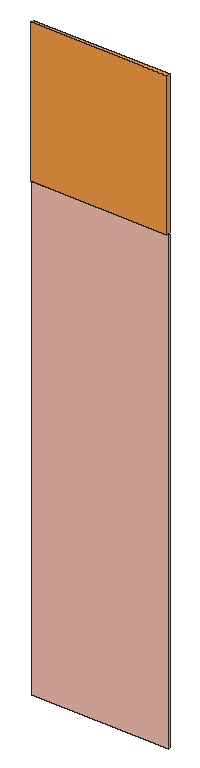
Revit family "EXP_WT-1B_CPan-002", category Curtain Panels, Revit 2021
Family settings
  OmniClass Number = 23.25.20.14.11.11.17
  OmniClass Title = Infill Panels
  Always vertical = Yes
  Cut with Voids When Loaded = No
  Shared = No
Parameters (values of type "H1 = 7' 3 1/2"")
  UI-UnitNumber [instance] = "001"
  UI-Quadrant [instance] = "SE"
  UI-ProjectAbbreviation = "NEU"
  UI-ItemCategory = "PID"
  UI-FloorNumber [instance] = "03"
  PNT-WallType = "WT1B"
  PNT-ProjectAbbreviation = "NEU"
  PNT-PanelType [instance] = "01"
  PNT-ItemCategory = "PNL"
  GlassSPH2(x2) [instance] = 0' - 1 1/8"
  GlassSPH1 [instance] = 0' - 2 3/16"
  GlassH2 [instance] = IG-2F(Glass)
  GlassH1 [instance] = IG-4F(Glass)
  Define Thermal Properties by = Schematic Type
  CellSp = 0' - 10 3/16"
  CellL [instance] = 7' - 0"
  CellH2 [instance] = CellH - CellH1  # 23' - 2 1/2"
  CellH1 = 7' - 3 1/2"
  CellH [instance] = 30' - 6"
  Analytic Construction = "<None>"
Types (2): name | CellH2 | CellH1
  H1 = 7' 3 1/2" | 23' - 2 1/2" | 7' - 3 1/2"
  H1 = 11' 1" | 28' - 7" | 1' - 11"
Reference planes (in)
  plane 1 "Center (Front/Back)": y = 0
  plane 2: z = 0
  plane 3 "Center (Left/Right)": x = 0
  plane 4 "Left": x = -42
  plane 5 "Right": x = 42
  plane 6 "Top": z = 366
  plane 7: z = 278.5
  plane 8: y = -10.1875
Forms (in)
  Extrusion 1, solid, material "IG-2F(Glass)" <- "GlassH2", detail levels coarse+medium
    sketch origin (0, 0, 0) x (0, 1, 0) y (0, 0, 1)
      loop
        line (-10.1875, 278.5) -> (-10.1875, 0) -> (0, 0) -> (0, 278.5) -> (-10.1875, 278.5)
    from -42 to 42
  Extrusion 2, solid, material "IG-4F(Glass)" <- "GlassH1", detail levels coarse+medium
    sketch origin (0, 0, 0) x (0, 1, 0) y (0, 0, 1)
      loop
        line (-10.1875, 366) -> (-10.1875, 278.5) -> (0, 278.5) -> (0, 366) -> (-10.1875, 366)
    from -42 to 42
Text (in)
  text "Exterior" at (-92.59733, 55.75508, 0), in view "Ref. Level"
  text "Exterior" at (0, 90.18664, 173.49264), in view "Left"
  text "Exterior" at (0, 52.29083, 162.21847), in view "Right"
Dimensions and locks (in)
  Extrusion 2 sketch curve to Extrusion 2 sketch curve = 0' - 10 3/16"
  "CellL": plane 4 "Left" to plane 5 "Right"
  equal spacing: plane 4 "Left", plane 3 "Center (Left/Right)", plane 5 "Right"
  "CellSp": plane 8 to plane 1 "Center (Front/Back)"
  "CellH": plane 2 to plane 6 "Top"
  "CellH1": plane 7 to plane 6 "Top"
  "CellH2": plane 2 to plane 7
  aligned and locked: Extrusion 1 sketch curve to plane 7
  aligned and locked: plane 8 to Extrusion 1 sketch curve
  aligned and locked: Extrusion 1 sketch curve to plane 1 "Center (Front/Back)"
  aligned and locked: plane 4 "Left" to Extrusion 1
  aligned and locked: Extrusion 1 to plane 5 "Right"
  aligned and locked: plane 6 "Top" to Extrusion 2 sketch curve
  aligned and locked: plane 8 to Extrusion 2 sketch curve
  aligned and locked: Extrusion 2 sketch curve to Extrusion 1
  aligned and locked: Extrusion 2 to plane 5 "Right"
  aligned and locked: plane 4 "Left" to Extrusion 2
  aligned and locked: plane 1 "Center (Front/Back)" to Extrusion 2
  aligned and locked: level to plane 2
  aligned and locked: Extrusion 1 to plane 2
  aligned and locked: plane 1 "Center (Front/Back)" to nested 1
  aligned and locked: plane 5 "Right" to nested 1
  aligned and locked: plane 2 to Extrusion 1
  aligned and locked: Extrusion 2 to plane 6 "Top"
  aligned and locked: plane 4 "Left" to nested 1
  aligned and locked: plane 1 "Center (Front/Back)" to nested 2
  aligned and locked: plane 7 to nested 2
  aligned and locked: plane 2 to nested 2
  aligned and locked: plane 4 "Left" to nested 2
  aligned and locked: plane 5 "Right" to nested 2
  aligned and locked: plane 1 "Center (Front/Back)" to nested 3
  aligned and locked: nested 3 to plane 6 "Top"
  aligned and locked: plane 7 to nested 3
  aligned and locked: plane 4 "Left" to nested 3
  aligned and locked: plane 5 "Right" to nested 3
Automatic sketch dimensions
  Extrusion 1 sketch curve to plane 7 = 23' - 2 1/2"
Nested families (in)
  nested 1: "EXP_xx_DetO-002" at (0, 0, 0), CellH <- "CellH", CellL <- "CellL", type "EXP_xx_DetO-002", detail levels coarse
    with CellL 7' - 0", CellH 30' - 6"
  nested 2: "EXP_WT-1x_IG-001" at (0, 0, 139.25), MaterialGlass <- "GlassH2", GlassSP <- "GlassSPH2(x2)", type "GlassSP = H2(x2)", detail levels fine
    with MaterialGlass IG-2F(Glass), GlassSP 0' - 1 1/8", GlassL 6' - 10.12598", GlassH 23' - 0.56299", CellL 7' - 0", CellH 23' - 2 1/2"
  nested 3: "EXP_WT-1x_IG-001" at (0, 0, 322.25), MaterialGlass <- "GlassH1", GlassSP <- "GlassSPH1", type "GlassSP = H1", detail levels fine
    with MaterialGlass IG-4F(Glass), GlassSP 0' - 2 3/16", GlassL 6' - 10.12549", GlassH 7' - 1 13/16", CellL 7' - 0", CellH 7' - 3 1/2"
Definition of nested family "EXP_WT-1x_IG-001"
  Parameters (values of type "H2 _ GlassSP = 1 1/4"")
    MaterialGlass [instance] = none
    GlassSP [instance] = 0' - 1 1/4"
    GlassL [instance] = CellL - (GlassD1 + GlassD3)  # 3' - 10.94439"
    GlassH [instance] = CellH - (GlassD2 + GlassD4)  # 6' - 6.64788"
    GlassD4 = 0' - 1.43701"
    GlassD3 = 0' - 0.93701"
    GlassD2 = 0' - 0 1/2"
    GlassD1 = 0' - 0 15/16"
    GMPI-ProjectAbbreviation = "NEU"
    GMPI-IteamCategory = "GLS"
    Default Elevation = 0' - 0"
    CellL [instance] = 4' - 0.8189"
    CellH [instance] = 6' - 8.58489"
  Types (12): name | GlassSP | GlassL | GlassH | GlassD4 | GlassD2 | GlassD1
    H2(x2) _ GlassSP = 2 1/8" | 0' - 2.12598" | 3' - 10.94488" | 6' - 6.64788" | 0' - 1.43701" | 0' - 0 1/2" | 0' - 0.93701"
    H1 _ GlassSP = 1 1/4" | 0' - 1 1/4" | 3' - 10.94439" | 6' - 6.89739" | 0' - 0 1/4" | 0' - 1 7/16" | 0' - 0 15/16"
    H2(x3) _ GlassSP = 2 1/8" | 0' - 2.12598" | 3' - 10.94488" | 6' - 7.83489" | 0' - 0 1/4" | 0' - 0 1/2" | 0' - 0.93701"
    H3 _ GlassSP = 1 1/4" | 0' - 1 1/4" | 3' - 10.94439" | 6' - 6.64788" | 0' - 1.43701" | 0' - 0 1/2" | 0' - 0 15/16"
    H _ GlassSP = 2 1/8" | 0' - 2.12598" | 3' - 10.94488" | 6' - 5.71088" | 0' - 1.43701" | 0' - 1.43701" | 0' - 0.93701"
    H _ GlassSP = 1 1/4" | 0' - 1 1/4" | 3' - 10.94439" | 6' - 5.71088" | 0' - 1.43701" | 0' - 1.43701" | 0' - 0 15/16"
    H2 _ GlassSP = 1 1/4" | 0' - 1 1/4" | 3' - 10.94439" | 6' - 6.64788" | 0' - 1.43701" | 0' - 0 1/2" | 0' - 0 15/16"
    GlassSP = H | 0' - 1 1/4" | 3' - 10.94439" | 6' - 5.71088" | 0' - 1.43701" | 0' - 1.43701" | 0' - 0 15/16"
    GlassSP = H3 | 0' - 1 1/4" | 3' - 10.94439" | 6' - 6.64788" | 0' - 1.43701" | 0' - 0 1/2" | 0' - 0 15/16"
    GlassSP = H2(x3) | 0' - 2.12598" | 3' - 10.94488" | 6' - 7.83489" | 0' - 0 1/4" | 0' - 0 1/2" | 0' - 0.93701"
    GlassSP = H2(x2) | 0' - 2.12598" | 3' - 10.94488" | 6' - 6.64788" | 0' - 1.43701" | 0' - 0 1/2" | 0' - 0.93701"
    GlassSP = H1 | 0' - 1 1/4" | 3' - 10.94439" | 6' - 6.89739" | 0' - 0 1/4" | 0' - 1 7/16" | 0' - 0 15/16"
  Reference planes (in)
    plane 1 "Center (Front/Back)": y = 0
    plane 2: z = 0
    plane 3 "Center (Left/Right)": x = 0
    plane 4: x = -24.40945
    plane 5: x = 24.40945
    plane 6: z = 40.29245
    plane 7: x = -23.47195
    plane 8: x = 23.47244
    plane 9: z = -40.29245
    plane 10: z = 39.79245
    plane 11: z = -38.85544
  Forms (in)
    Extrusion 1, solid, material <- "MaterialGlass"
      sketch origin (0, 0, 0) x (1, 0, 0) y (0, 0, 1)
        loop
          line (-23.47195, -38.85544) -> (23.47244, -38.85544) -> (23.47244, 39.79245) -> (-23.47195, 39.79245) -> (-23.47195, -38.85544)
      from 0 to 1.25 <- "GlassSP"
  Dimensions and locks (in)
    equal spacing: plane 6, level, plane 9
    "CellH": plane 6 to plane 9
    "GlassD2": plane 6 to plane 10
    "GlassD4": plane 11 to plane 9
    equal spacing: plane 4, plane 3 "Center (Left/Right)", plane 5
    "CellL": plane 4 to plane 5
    "GlassD1": plane 4 to plane 7
    "GlassD3": plane 5 to plane 8
    aligned and locked: level to plane 2
    aligned and locked: Extrusion 1 sketch curve to plane 11
    aligned and locked: Extrusion 1 sketch curve to plane 7
    aligned and locked: plane 10 to Extrusion 1 sketch curve
    aligned and locked: plane 8 to Extrusion 1 sketch curve
Definition of nested family "EXP_xx_DetO-002"
  Parameters (values of type "EXP_xx_DetO-002")
    Default Elevation = 0' - 0"
    CellL [instance] = 5' - 4.56693"
    CellH [instance] = 5' - 2.99213"
  Reference planes (in)
    plane 1 "Center (Front/Back)": y = 0
    plane 2: z = 0
    plane 3 "Center (Left/Right)": x = 0
    plane 4: x = -32.28346
    plane 5: x = 32.28346
    plane 6: z = 62.99213
  Lines and regions (in)
    model lines
      curve 1: line (-32.28346, 0, 62.99213) -> (32.28346, 0, 0)
      curve 2: line (32.28346, 0, 62.99213) -> (-32.28346, 0, 0)
  Dimensions and locks (in)
    "CellH": plane 6 to level
    equal spacing: plane 4, plane 3 "Center (Left/Right)", plane 5
    "CellL": plane 4 to plane 5
    aligned and locked: level to plane 2
  Automatic sketch dimensions
    curve 2 to level = 0' - 0"
    plane 4 to curve 2 = 0' - 0"
    plane 4 to curve 1 = 0' - 0"
    plane 5 to curve 2 = 0' - 0"
    curve 1 to level = 0' - 0"
    plane 5 to curve 1 = 0' - 0"
    curve 2 to plane 6 = 0' - 0"
    curve 1 to plane 6 = 0' - 0"
